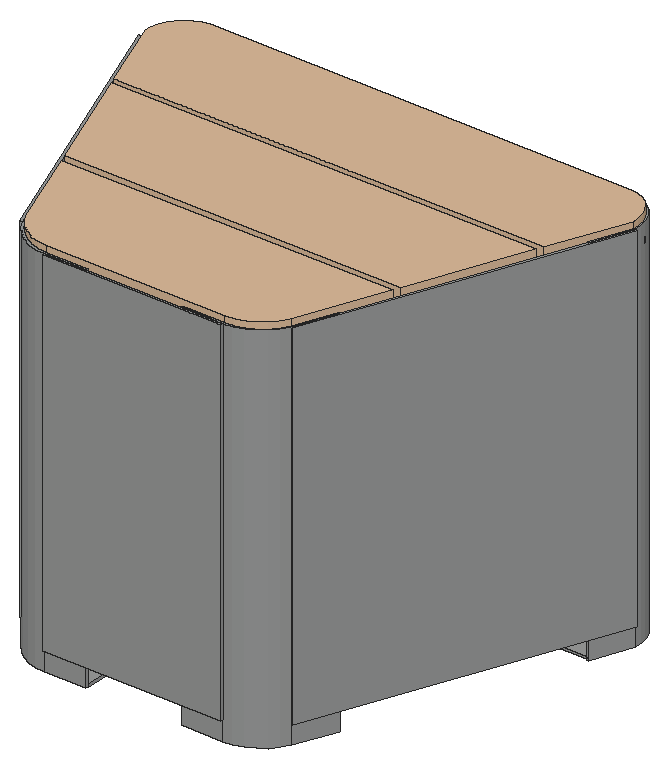
Revit family "1505-S-L", category Meble, Revit 2021
Family settings
  Numer OmniClass = 23.40.20.00
  Tytuł OmniClass = General Furniture and Specialties
  Oparty na płaszczyźnie roboczej = Nie
  Zawsze pionowo = Tak
  Tnij formami wycięć po wczytaniu = Nie
  Współdzielony = Nie
  Punkt obliczania pomieszczeń = Nie
Parameters (values of type "1505-S-L")
  wood = Mobilis Design Wood - Larch
  metal = Mobilis Design RAL 9023
  Width = "44 cm"
  Weight = "30 kg"
  URL = ""
  Product line = "AQUILA"
  Product Groups = ""
  Manufacturer = ""
  Keynote = ""
  Description = ""
  Model = "1505-S-L"
  Material = ""
  Maintenance = ""
  Lenght = "60 cm"
  Type Comments = ""
  Mobilis Design Materials = ""
  Hosted on = ""
  Height = "45 cm"
  Domyślna rzędna = 0 mm
  Copyright = "All designs and drawings are the common intellectual property of Lars Laj A/S and Tress and are protected by Danish and international copyright laws."
Reference planes
  plane 1 "front": y = 0
  plane 2: z = 0
  plane 3 "Środek (Lewa/Prawa)": x = 0
  plane 4 "back": y = 400
  plane 5: z = 706.5
Forms (mm)
  Extrusion 1, solid, material "Mobilis Design RAL 9023" <- "metal", not visible
    sketch origin (0, 0, 0) x (0, 1, 0) y (0, 0, 1)
      loop
        arc (71.187, 451.5) -> (57.045, 445.642) -> (51.187, 431.5) r 20
        line (51.187, 431.5) -> (51.187, 18.231)
        arc (51.187, 18.231) -> (56.527, 5.34) -> (69.418, 0) r 18.231
        line (69.418, 0) -> (153.638, 0) -> (153.638, 15) -> (448.638, 15) -> (448.638, 0) -> (527.023, 0)
        arc (527.023, 0) -> (542.307, 6.331) -> (548.638, 21.615) r 21.615
        line (548.638, 21.615) -> (548.638, 429.407)
        arc (548.638, 429.407) -> (542.168, 445.029) -> (526.545, 451.5) r 22.093
        line (526.545, 451.5) -> (71.187, 451.5)
    from 750.378 to 745
  Extrusion 2, solid, material "Mobilis Design RAL 9023" <- "metal", not visible
    sketch origin (0, 0, 0) x (0, 1, 0) y (0, 0, 1)
      loop
        line (548.638, 396.844) -> (629.375, 854.725) -> (601.836, 859.581)
        arc (601.836, 859.581) -> (585.224, 855.898) -> (576.082, 841.547) r 22.232
        line (576.082, 841.547) -> (507.306, 451.5) -> (526.545, 451.5)
        arc (526.545, 451.5) -> (542.168, 445.029) -> (548.638, 429.407) r 22.093
        line (548.638, 429.407) -> (548.638, 396.844)
    from 745 to 750.378
  Extrusion 3, solid, material "Mobilis Design RAL 9023" <- "metal"
    sketch origin (0, 0, 0) x (1, 0, 0) y (0, 1, 0)
      loop
        arc (-293.16, 475.97) -> (-282.001, 508.042) -> (-251.234, 522.413) r 43.652
        line (-251.234, 522.413) -> (-200.381, 522.312) -> (-200.381, 525.412) -> (-251.284, 525.413)
        arc (-251.284, 525.413) -> (-284.324, 509.867) -> (-296.121, 475.312) r 46.771
        line (-296.121, 475.312) -> (-278.038, 428.325) -> (-274.845, 428.325) -> (-293.16, 475.97)
      loop
        line (200.651, 522.312) -> (251.504, 522.413)
        arc (251.504, 522.413) -> (282.271, 508.042) -> (293.43, 475.97) r 43.652
        line (293.43, 475.97) -> (275.115, 428.325) -> (278.308, 428.325) -> (296.391, 475.312)
        arc (296.391, 475.312) -> (284.594, 509.867) -> (251.554, 525.413) r 46.771
        line (251.554, 525.413) -> (200.651, 525.412) -> (200.651, 522.312)
      loop
        arc (158.801, 128.754) -> (137.921, 104.402) -> (107.159, 95.311) r 56.594
        line (107.159, 95.311) -> (57.159, 95.311) -> (57.159, 92.311) -> (107.159, 92.311)
        arc (107.159, 92.311) -> (139.586, 101.906) -> (161.572, 127.602) r 59.594
        line (161.572, 127.602) -> (180.094, 175.729) -> (176.879, 175.729) -> (158.801, 128.754)
      loop
        line (-158.801, 128.754) -> (-176.879, 175.729) -> (-180.094, 175.729) -> (-161.572, 127.602)
        arc (-161.572, 127.602) -> (-139.586, 101.906) -> (-107.159, 92.311) r 59.594
        line (-107.159, 92.311) -> (-57.159, 92.311) -> (-57.159, 95.311) -> (-107.159, 95.311)
        arc (-107.159, 95.311) -> (-137.921, 104.402) -> (-158.801, 128.754) r 56.594
    from 0 to 450
  Extrusion 4, solid, material "Mobilis Design RAL 9023" <- "metal"
    sketch origin (0, 0, 0) x (1, 0, 0) y (0, 1, 0)
      loop
        line (-106.889, 92.311) -> (-106.889, 89.32) -> (107.159, 89.32) -> (107.159, 92.311) -> (-106.889, 92.311)
      loop
        line (-251.286, 528.312) -> (-251.286, 525.413) -> (251.556, 525.413) -> (251.556, 528.312) -> (-251.286, 528.312)
      loop
        line (299.188, 474.227) -> (296.391, 475.312) -> (161.651, 127.807) -> (163.899, 126.541) -> (299.188, 474.227)
      loop
        line (-299.188, 474.227) -> (-164.371, 126.524) -> (-161.626, 127.742) -> (-295.521, 475.649) -> (-299.188, 474.227)
    from 23.503 to 450
  Extrusion 5, solid, material "Mobilis Design RAL 9023" <- "metal"
    sketch origin (0, 0, 0) x (1, 0, 0) y (0, 1, 0)
      loop
        line (-200.381, 428.325) -> (-200.381, 522.312) -> (-251.234, 522.413)
        arc (-251.234, 522.413) -> (-282.001, 508.042) -> (-293.16, 475.97) r 43.652
        line (-293.16, 475.97) -> (-274.845, 428.325) -> (-200.381, 428.325)
      loop
        line (-56.889, 175.729) -> (-176.609, 175.729) -> (-158.531, 128.754)
        arc (-158.531, 128.754) -> (-137.651, 104.402) -> (-106.889, 95.311) r 56.594
        line (-106.889, 95.311) -> (-56.889, 95.311) -> (-56.889, 175.729)
      loop
        line (200.381, 428.325) -> (274.845, 428.325) -> (293.16, 475.97)
        arc (293.16, 475.97) -> (282.001, 508.042) -> (251.234, 522.413) r 43.652
        line (251.234, 522.413) -> (200.381, 522.312) -> (200.381, 428.325)
      loop
        line (56.889, 175.729) -> (56.889, 95.311) -> (106.889, 95.311)
        arc (106.889, 95.311) -> (137.651, 104.402) -> (158.531, 128.754) r 56.594
        line (158.531, 128.754) -> (176.609, 175.729) -> (56.889, 175.729)
    from 0 to 3.062
  Extrusion 6, solid, material "Mobilis Design Wood - Larch" <- "wood"
    sketch origin (0, 0, 0) x (1, 0, 0) y (0, 1, 0)
      loop
        line (258.581, 385.312) -> (293.43, 475.97)
        arc (293.43, 475.97) -> (282.852, 507.385) -> (253.255, 522.312) r 43.652
        line (253.255, 522.312) -> (-252.985, 522.312)
        arc (-252.985, 522.312) -> (-282.582, 507.385) -> (-293.16, 475.97) r 43.652
        line (-293.16, 475.97) -> (-258.311, 385.312) -> (258.581, 385.312)
      loop
        line (-254.906, 377.312) -> (-201.786, 240.312) -> (202.056, 240.312) -> (255.176, 377.312) -> (-254.906, 377.312)
      loop
        line (-198.386, 232.312) -> (-158.531, 128.754)
        arc (-158.531, 128.754) -> (-137.748, 104.465) -> (-107.12, 95.312) r 56.594
        line (-107.12, 95.312) -> (107.39, 95.312)
        arc (107.39, 95.312) -> (138.018, 104.465) -> (158.801, 128.754) r 56.594
        line (158.801, 128.754) -> (198.656, 232.312) -> (-198.386, 232.312)
    from 421 to 456.842
  Extrusion 7, solid, material "Mobilis Design Wood - Larch" <- "wood"
    sketch origin (0, 0, 0) x (1, 0, 0) y (0, 1, 0)
      loop
        line (-103.832, 95.394) -> (-266.822, 518.902)
        arc (-266.822, 518.902) -> (-286.046, 502.815) -> (-293.251, 478.806) r 43.652
        line (-293.251, 478.806) -> (-158.531, 128.754)
        arc (-158.531, 128.754) -> (-136.356, 103.588) -> (-103.832, 95.394) r 56.594
      loop
        arc (103.832, 95.394) -> (136.356, 103.588) -> (158.531, 128.754) r 56.594
        line (158.531, 128.754) -> (293.251, 478.806)
        arc (293.251, 478.806) -> (286.046, 502.815) -> (266.822, 518.902) r 43.652
        line (266.822, 518.902) -> (103.832, 95.394)
    from 379.562 to 421
  Extrusion 8, solid, material "Mobilis Design Wood - Larch" <- "wood"
    sketch origin (0, 0, 0) x (1, 0, 0) y (0, 1, 0)
      loop
        line (-103.832, 95.394) -> (-266.822, 518.902)
        arc (-266.822, 518.902) -> (-286.046, 502.815) -> (-293.251, 478.806) r 43.652
        line (-293.251, 478.806) -> (-158.531, 128.754)
        arc (-158.531, 128.754) -> (-136.356, 103.588) -> (-103.832, 95.394) r 56.594
      loop
        arc (103.832, 95.394) -> (136.356, 103.588) -> (158.531, 128.754) r 56.594
        line (158.531, 128.754) -> (293.251, 478.806)
        arc (293.251, 478.806) -> (286.046, 502.815) -> (266.822, 518.902) r 43.652
        line (266.822, 518.902) -> (103.832, 95.394)
    from 379.562 to 421
  Extrusion 9, solid, material "Mobilis Design Wood - Larch" <- "wood"
    sketch origin (0, 0, 0) x (1, 0, 0) y (0, 1, 0)
      loop
        line (-103.832, 95.394) -> (-266.822, 518.902)
        arc (-266.822, 518.902) -> (-286.046, 502.815) -> (-293.251, 478.806) r 43.652
        line (-293.251, 478.806) -> (-158.531, 128.754)
        arc (-158.531, 128.754) -> (-136.356, 103.588) -> (-103.832, 95.394) r 56.594
      loop
        arc (103.832, 95.394) -> (136.356, 103.588) -> (158.531, 128.754) r 56.594
        line (158.531, 128.754) -> (293.251, 478.806)
        arc (293.251, 478.806) -> (286.046, 502.815) -> (266.822, 518.902) r 43.652
        line (266.822, 518.902) -> (103.832, 95.394)
    from 379.562 to 377.562
Lines and regions (mm)
  model lines, style "9"
    curve 1: line (264.233, -399.489, 0) -> (264.233, -405.489, 0)
    curve 2: line (-304.767, -399.489, 0) -> (-304.767, -405.489, 0)
    curve 3: line (-281.767, -399.489, 0) -> (-281.767, -405.489, 0)
Dimensions and locks
  aligned and locked: level to plane 2
